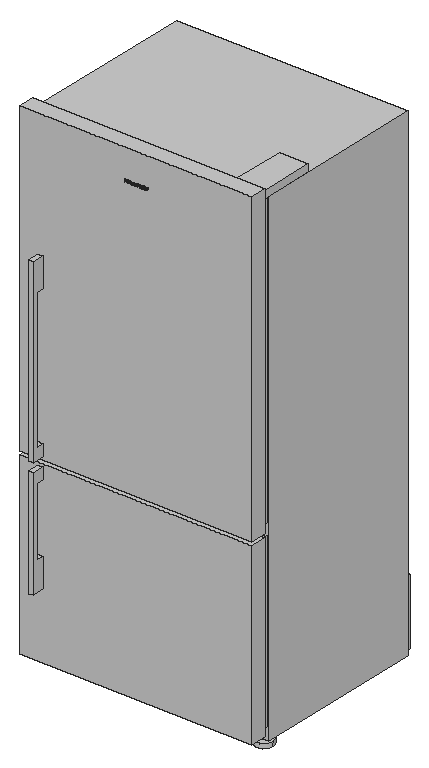
Revit family "Fisher & Paykel Fridge E522BRXFD", category Generic Models, host Floor, Revit 2013
Parameters (values of type "Fisher & Paykel - Fridge E522BRXFD")
  URL = "http://www.fisherpaykel.com"
  Model = "Fisher & Paykel - Fridge E522BRXFD"
  Manufacturer = "Fisher & Paykel"
  Fridge = Fridge
  Description = "Fisher & Paykel - Fridge E522BRXFD"
Reference planes (in)
  plane 1 "Center (Front/Back)": y = 0
  plane 2: z = 0
  plane 3 "Center (Left/Right)": x = 0
Dimensions and locks (in)
  equal spacing: host sketch curve, plane 1 "Center (Front/Back)", host sketch curve
  equal spacing: host sketch curve, plane 3 "Center (Left/Right)", host sketch curve
  host sketch curve to host sketch curve = 10' - 0"  (x2)
  aligned and locked: level to plane 2
Nested families (in)
  nested 1: "old_Fisher & Paykel Fridge E522BRXFD" at (0, 0, 0), type "old_Fisher & Paykel Fridge E522BRXFD"
Definition of nested family "old_Fisher & Paykel Fridge E522BRXFD"
  Parameters (values of type "old_Fisher & Paykel Fridge E522BRXFD")
    URL = "http://www.fisherpaykel.com"
    Model = "Fisher & Paykel - Fridge E522BRXFD"
    Manufacturer = "Fisher & Paykel"
    Fridge = Fridge
  Reference planes (in)
    plane 1 "Center (Front/Back)": y = 0
    plane 2: z = 0
    plane 3 "Center (Left/Right)": x = 0
    plane 4: z = 0
    plane 5: z = 0
    plane 6: z = 3.34646
    plane 7: x = 10.98425
    plane 8 "wheels": y = -11.56693
    plane 9: x = -14.94882
    plane 10: x = 13.79724
    plane 11: z = 63.38583
  Forms (in)
    Extrusion 1, solid, material "Fridge" <- "Fridge"
      sketch origin (3.05118, 0, 0) x (1, 0, 0) y (0, 1, 0)
        loop
          line (-19.19844, 11.11811) -> (-19.19844, -12.29921) -> (11.86455, -12.29921) -> (11.86455, 11.11811) -> (-19.19844, 11.11811)
      from 0.94488 to 66.29921
    Extrusion 2, solid, material "Fridge" <- "Fridge"
      sketch origin (-16.14726, -12.29921, 0) x (0, 1, 0) y (0, 0, -1)
        loop
          line (24.59843, -9.79606) -> (24.59843, -0.94488) -> (23.41732, -0.94488) -> (23.41732, -10.97717) -> (24.59843, -9.79606)
      from -30.27559 to -0.7874
    Extrusion 3, solid, material "Fridge" <- "Fridge"
      sketch origin (-16.14726, -12.29921, -0.09252) x (0, 1, 0) y (0, 0, -1)
        loop
          line (-2.76378, -10.64961) -> (-4.37795, -10.64961) -> (-4.37795, -25.33465) -> (-2.76378, -25.33465) -> (-2.76378, -23.75984) -> (-3.80172, -23.75984) -> (-3.80172, -14.58661) -> (-2.76378, -14.58661) -> (-2.76378, -10.64961)
      from -3.07874 to -2.47244
    Extrusion 4, solid, material "Fridge" <- "Fridge"
      sketch origin (-16.14726, -12.29921, 15.82677) x (0, 1, 0) y (0, 0, -1)
        loop
          line (-2.76378, -10.64961) -> (-4.37795, -10.64961) -> (-4.37795, -34.74409) -> (-2.76378, -34.74409) -> (-2.76378, -30.80709) -> (-3.80832, -30.80709) -> (-3.80832, -12.22441) -> (-2.76378, -12.22441) -> (-2.76378, -10.64961)
      from -3.07874 to -2.47244
    Extrusion 5, solid, material "Fridge" <- "Fridge"
      sketch origin (-16.14726, -12.29921, 0) x (0, 1, 0) y (0, 0, -1)
        loop
          line (-0.59843, -67.51969) -> (-0.59843, -26.10236) -> (-2.76378, -26.10236) -> (-2.76378, -67.51969) -> (-0.59843, -67.51969)
        loop
          line (-0.59843, -25.61614) -> (-0.59843, -1.75787) -> (-2.76378, -1.75787) -> (-2.76378, -25.61614) -> (-0.59843, -25.61614)
      from -31.08268 to 0.01969
    Extrusion 6, solid, material "Fridge" <- "Fridge"
      sketch origin (9.4047, 10.74557, 0) x (0, -1, 0) y (0, 0, -1)
        loop
          line (23.64321, -25.42913) -> (23.64321, -2.59449) -> (23.04479, -2.59449) -> (23.04479, -25.42913) -> (23.64321, -25.42913)
      from -25.26456 to 5.22363
    Extrusion 7, solid, material "Fridge" <- "Fridge"
      sketch origin (9.09995, 10.74557, 51.81102) x (0, -1, 0) y (0, 0, -1)
        loop
          line (23.64321, 24.82283) -> (23.04479, 24.82283) -> (23.04479, -14.4252) -> (23.64321, -14.4252) -> (23.64321, 24.82283)
      from -24.95982 to 5.52837
    Extrusion 8, solid, material "Fridge" <- "Fridge"
      sketch origin (-9.47244, 10.74557, 0) x (0, 1, 0) y (0, 0, -1)
        loop
          line (-16.35975, -67.30315) -> (-16.35975, -66.29921) -> (-23.64321, -66.29921) -> (-23.64321, -67.30315) -> (-16.35975, -67.30315)
      from -24.34486 to -20.52597
    Extrusion 9, solid, material "Fridge" <- "Fridge"
      sketch origin (-16.14726, -16.67717, 26.47638) x (0, 0, 1) y (-1, 0, 0)
        loop
          circle (-23.12992, -26.53543) r 0.19685
      from -29.76378 to -28.97638
    Extrusion 10, solid, material "Fridge" <- "Fridge"
      sketch origin (-16.14726, -12.29921, 0) x (0, 1, 0) y (0, 0, -1)
        loop
          line (19.82457, -0.94488) -> (21.82897, -0.94488)
          arc (21.82897, -0.94488) -> (20.82677, 0) -> (19.82457, -0.94488) r 1.00394
        loop
          line (2.44268, -0.94488) -> (4.44708, -0.94488)
          arc (4.44708, -0.94488) -> (3.44488, 0) -> (2.44268, -0.94488) r 1.00394
      from -2.75553 to -1.97994
    Extrusion 11, solid, material "Fridge" <- "Fridge"
      sketch origin (11.07283, -12.40247, 0) x (0, 1, 0) y (0, 0, -1)
        loop
          line (19.92783, -0.94488) -> (21.93223, -0.94488)
          arc (21.93223, -0.94488) -> (20.93003, 0) -> (19.92783, -0.94488) r 1.00394
        loop
          line (2.53934, -0.94488) -> (4.54374, -0.94488)
          arc (4.54374, -0.94488) -> (3.54154, 0) -> (2.53934, -0.94488) r 1.00394
      from -1.93701 to -1.16142
    Extrusion 12, solid, material "Fridge" <- "Fridge"
      sketch origin (-0.04687, 0, 0) x (1, 0, 0) y (0, 1, 0)
        loop
          circle (-14.94882, -11.56693) r 0.19685
        loop
          circle (13.79724, -11.56693) r 0.19685
      from 0.55118 to 0.94488
    Extrusion 13, solid, material "Fridge" <- "Fridge"
      sketch origin (-0.04293, 0, 0) x (1, 0, 0) y (0, 1, 0)
        loop
          circle (-14.94882, -11.56693) r 1.1811
        loop
          circle (13.79724, -11.56693) r 1.1811
      from 0 to 0.55118
  Dimensions and locks (in)
    Extrusion 9 to Extrusion 2 = 0' - 0.7874"
    level to Extrusion 10 = 0' - 0.94488"
    Extrusion 5 to plane 11 = 0' - 4.13386"
    aligned and locked: Extrusion 9 to Extrusion 2
  Nested families (in)
    nested 1: "FP_logo80mm" at (-0.59608, -15.06299, 63.38583) x (1, 0, 0) z (0, -1, 0), type "FP_logo80mm"
  Definition of nested family "FP_logo80mm"
    Parameters (values of type "FP_logo80mm")
      thickness = 0' - 0.02044"
      LOGO = logo
      Default Elevation = 4' - 0"
    Reference planes (in)
      plane 1 "Center (Front/Back)": y = 0
      plane 2: z = 0
      plane 3 "Center (Left/Right)": x = 0
      plane 4: x = -1.5748
      plane 5: x = 1.5748
    Forms (in)
      Extrusion 1, solid
        sketch origin (0, 0, 0) x (1, 0, 0) y (0, 1, 0)
          loop
            line (-48, 48) -> (-48, -48) -> (48, -48) -> (48, 48) -> (-48, 48)
        from 0 to -12
      Extrusion 2, solid, material "logo" <- "LOGO"
        sketch origin (0, 0, 0) x (1, 0, 0) y (0, 1, 0)
          loop
            line (-1.57372, 0) -> (-1.50194, 0) -> (-1.46947, 0.12283) -> (-1.30297, 0.12283) -> (-1.29013, 0.1703) -> (-1.45659, 0.1703) -> (-1.43522, 0.25151) -> (-1.25982, 0.25151) -> (-1.24694, 0.29898) -> (-1.49409, 0.29898) -> (-1.57372, 0)
          loop
            line (-1.30607, 0) -> (-1.24274, 0) -> (-1.18721, 0.20934) -> (-1.25063, 0.20934) -> (-1.30607, 0)
          loop
            line (-1.22648, 0.29898) -> (-1.23826, 0.25602) -> (-1.17488, 0.25602) -> (-1.16314, 0.29898) -> (-1.22648, 0.29898)
          loop
            arc (-0.86058, 0.13425) -> (-0.80772, 0.17063) -> (-0.74843, 0.1461) r 0.06722
            line (-0.74843, 0.1461) -> (-0.78704, 0) -> (-0.7237, 0) -> (-0.68605, 0.14246)
            arc (-0.68605, 0.14246) -> (-0.68155, 0.16152) -> (-0.68605, 0.18058) r 0.04254
            arc (-0.68605, 0.18058) -> (-0.76915, 0.21295) -> (-0.84979, 0.17486) r 0.1128
            line (-0.84979, 0.17486) -> (-0.81676, 0.29898) -> (-0.88006, 0.29898) -> (-0.95966, 0) -> (-0.89632, 0) -> (-0.86058, 0.13425)
          loop
            arc (-0.95066, 0.15197) -> (-0.95087, 0.18935) -> (-0.98246, 0.20934) r 0.03895
            arc (-0.98246, 0.20934) -> (-1.05987, 0.21825) -> (-1.13591, 0.20129) r 0.23433
            arc (-1.13591, 0.20129) -> (-1.1618, 0.18364) -> (-1.17815, 0.15691) r 0.0745
            arc (-1.17815, 0.15691) -> (-1.17834, 0.11309) -> (-1.14108, 0.09004) r 0.04483
            line (-1.14108, 0.09004) -> (-1.05714, 0.08639)
            arc (-1.05714, 0.08639) -> (-1.03604, 0.05735) -> (-1.06272, 0.03332) r 0.02683
            line (-1.06272, 0.03332) -> (-1.11205, 0.03332)
            arc (-1.11205, 0.03332) -> (-1.13197, 0.04003) -> (-1.14072, 0.05914) r 0.02647
            line (-1.14072, 0.05914) -> (-1.20571, 0.06008)
            arc (-1.20571, 0.06008) -> (-1.20608, 0.02907) -> (-1.18586, 0.00555) r 0.04389
            arc (-1.18586, 0.00555) -> (-1.10473, -0.00342) -> (-1.02361, 0.00555) r 0.37118
            arc (-1.02361, 0.00555) -> (-0.98719, 0.0286) -> (-0.96414, 0.06502) r 0.09828
            arc (-0.96414, 0.06502) -> (-0.96497, 0.10316) -> (-0.99759, 0.12295) r 0.03965
            line (-0.99759, 0.12295) -> (-1.09984, 0.1274)
            arc (-1.09984, 0.1274) -> (-1.11597, 0.13609) -> (-1.11913, 0.15414) r 0.02101
            arc (-1.11913, 0.15414) -> (-1.06497, 0.17768) -> (-1.0118, 0.15197) r 0.0708
            line (-1.0118, 0.15197) -> (-0.95066, 0.15197)
          loop
            line (-0.43335, 0.0955) -> (-0.42234, 0.15714)
            arc (-0.42234, 0.15714) -> (-0.43763, 0.19405) -> (-0.47453, 0.20934) r 0.05219
            line (-0.47453, 0.20934) -> (-0.56603, 0.20934)
            arc (-0.56603, 0.20934) -> (-0.67024, 0.12209) -> (-0.61053, 0) r 0.11022
            arc (-0.61053, 0) -> (-0.51666, 0.00201) -> (-0.44346, 0.06081) r 0.14586
            line (-0.44346, 0.06081) -> (-0.50325, 0.06709)
            arc (-0.50325, 0.06709) -> (-0.57274, 0.03377) -> (-0.61889, 0.0955) r 0.06068
            line (-0.61889, 0.0955) -> (-0.43335, 0.0955)
          loop
            line (-0.60154, 0.12683) -> (-0.48719, 0.12683)
            arc (-0.48719, 0.12683) -> (-0.54436, 0.17324) -> (-0.60154, 0.12683) r 0.05842
          loop
            line (-0.43225, 0) -> (-0.36884, 0) -> (-0.3364, 0.12322)
            arc (-0.3364, 0.12322) -> (-0.29895, 0.16318) -> (-0.25677, 0.12825) r 0.03997
            line (-0.25677, 0.12825) -> (-0.19736, 0.12825)
            arc (-0.19736, 0.12825) -> (-0.19022, 0.16751) -> (-0.20568, 0.20429) r 0.07001
            arc (-0.20568, 0.20429) -> (-0.27218, 0.21095) -> (-0.32777, 0.17385) r 0.09905
            line (-0.32777, 0.17385) -> (-0.31343, 0.20934) -> (-0.37677, 0.20934) -> (-0.43225, 0)
          loop
            line (0.0589, 0.12012) -> (0.04908, 0.08343) -> (-0.0317, 0.14891)
            arc (-0.0317, 0.14891) -> (0.01975, 0.15451) -> (0.06854, 0.17177) r 0.22403
            arc (0.06854, 0.17177) -> (0.08659, 0.19825) -> (0.092, 0.22984) r 0.07535
            arc (0.092, 0.22984) -> (0.08362, 0.25136) -> (0.06388, 0.26335) r 0.03598
            arc (0.06388, 0.26335) -> (0.00198, 0.27016) -> (-0.05992, 0.26335) r 0.28474
            arc (-0.05992, 0.26335) -> (-0.08847, 0.24926) -> (-0.10731, 0.22359) r 0.0671
            arc (-0.10731, 0.22359) -> (-0.11641, 0.18705) -> (-0.09579, 0.15554) r 0.04706
            arc (-0.09579, 0.15554) -> (-0.14195, 0.14171) -> (-0.177, 0.10865) r 0.10456
            line (-0.177, 0.10865) -> (-0.19166, 0.0607)
            arc (-0.19166, 0.0607) -> (-0.17964, 0.01787) -> (-0.1389, 0) r 0.05201
            arc (-0.1389, 0) -> (-0.07522, -0.00464) -> (-0.01155, 0) r 0.43946
            arc (-0.01155, 0) -> (0.0259, 0.01133) -> (0.05839, 0.0331) r 0.13235
            line (0.05839, 0.0331) -> (0.10025, 0) -> (0.13041, 0.02319) -> (0.07822, 0.05974)
            arc (0.07822, 0.05974) -> (0.09021, 0.08908) -> (0.09668, 0.12012) r 0.17407
            line (0.09668, 0.12012) -> (0.0589, 0.12012)
          loop
            line (0.03377, 0.0523) -> (-0.07598, 0.13975)
            arc (-0.07598, 0.13975) -> (-0.12194, 0.128) -> (-0.14447, 0.08624) r 0.05912
            arc (-0.14447, 0.08624) -> (-0.14328, 0.04325) -> (-0.10587, 0.02201) r 0.04379
            arc (-0.10587, 0.02201) -> (-0.03294, 0.02281) -> (0.03377, 0.0523) r 0.18125
          loop
            arc (0.36561, 0.09636) -> (0.42763, 0.11011) -> (0.47803, 0.14878) r 0.14675
            arc (0.47803, 0.14878) -> (0.49723, 0.19866) -> (0.50525, 0.25151) r 0.24691
            arc (0.50525, 0.25151) -> (0.4729, 0.28972) -> (0.42369, 0.29898) r 0.07484
            line (0.42369, 0.29898) -> (0.22524, 0.29898) -> (0.14568, 0) -> (0.21739, 0) -> (0.24319, 0.09636) -> (0.36561, 0.09636)
          loop
            line (0.28414, 0.25151) -> (0.2561, 0.14568) -> (0.35509, 0.14568)
            arc (0.35509, 0.14568) -> (0.38393, 0.15) -> (0.41024, 0.16258) r 0.09842
            line (0.41024, 0.16258) -> (0.42722, 0.20926)
            arc (0.42722, 0.20926) -> (0.41485, 0.23913) -> (0.38497, 0.25151) r 0.04225
            line (0.38497, 0.25151) -> (0.28414, 0.25151)
          loop
            arc (0.55819, 0.14878) -> (0.56638, 0.16856) -> (0.58615, 0.17674) r 0.02796
            arc (0.58615, 0.17674) -> (0.61447, 0.17926) -> (0.64279, 0.17674) r 0.16065
            arc (0.64279, 0.17674) -> (0.65989, 0.1631) -> (0.65782, 0.14133) r 0.02298
            line (0.65782, 0.14133) -> (0.6478, 0.1037)
            arc (0.6478, 0.1037) -> (0.56118, 0.13061) -> (0.47719, 0.09636) r 0.13438
            arc (0.47719, 0.09636) -> (0.4602, 0.04095) -> (0.50121, 0) r 0.05619
            arc (0.50121, 0) -> (0.57004, -0.00115) -> (0.63244, 0.02789) r 0.15353
            line (0.63244, 0.02789) -> (0.61074, -0.0031) -> (0.68432, 0) -> (0.72076, 0.13673)
            arc (0.72076, 0.13673) -> (0.72464, 0.17655) -> (0.69592, 0.20441) r 0.04611
            arc (0.69592, 0.20441) -> (0.62576, 0.21705) -> (0.55489, 0.20934) r 0.2495
            arc (0.55489, 0.20934) -> (0.51881, 0.18487) -> (0.49434, 0.14878) r 0.11565
            line (0.49434, 0.14878) -> (0.55819, 0.14878)
          loop
            line (0.7678, 0) -> (0.80778, 0)
            arc (0.80778, 0) -> (0.77355, -0.04222) -> (0.72076, -0.05517) r 0.08526
            line (0.72076, -0.05517) -> (0.71067, -0.09189)
            arc (0.71067, -0.09189) -> (0.79943, -0.08017) -> (0.85866, -0.01304) r 0.12765
            line (0.85866, -0.01304) -> (0.98648, 0.20934) -> (0.9209, 0.20934) -> (0.82272, 0.03272) -> (0.80483, 0.20934) -> (0.7376, 0.20934) -> (0.7678, 0)
          loop
            line (1.04279, 0.12778) -> (1.0881, 0.29898) -> (1.02481, 0.29898) -> (0.94521, 0) -> (1.00859, 0) -> (1.03321, 0.09275) -> (1.10888, 0) -> (1.18678, 0) -> (1.10668, 0.1107) -> (1.22381, 0.20934) -> (1.15093, 0.20934) -> (1.04279, 0.12778)
          loop
            line (1.51251, 0.29898) -> (1.43291, 0) -> (1.49629, 0) -> (1.57589, 0.29898) -> (1.51251, 0.29898)
          loop
            line (1.43403, 0.0955) -> (1.44505, 0.15714)
            arc (1.44505, 0.15714) -> (1.42976, 0.19405) -> (1.39285, 0.20934) r 0.05219
            line (1.39285, 0.20934) -> (1.30135, 0.20934)
            arc (1.30135, 0.20934) -> (1.19714, 0.12209) -> (1.25686, 0) r 0.11022
            arc (1.25686, 0) -> (1.35073, 0.00201) -> (1.42393, 0.06081) r 0.14586
            line (1.42393, 0.06081) -> (1.36413, 0.06709)
            arc (1.36413, 0.06709) -> (1.29464, 0.03377) -> (1.2485, 0.0955) r 0.06068
            line (1.2485, 0.0955) -> (1.43403, 0.0955)
          loop
            line (1.26585, 0.12683) -> (1.3802, 0.12683)
            arc (1.3802, 0.12683) -> (1.32302, 0.17324) -> (1.26585, 0.12683) r 0.05842
          loop
            arc (-0.05026, 0.16395) -> (0.00366, 0.17176) -> (0.04898, 0.202) r 0.12359
            arc (0.04898, 0.202) -> (0.05207, 0.22235) -> (0.04159, 0.24006) r 0.03066
            arc (0.04159, 0.24006) -> (-0.00034, 0.2455) -> (-0.04226, 0.24006) r 0.16426
            arc (-0.04226, 0.24006) -> (-0.07878, 0.20542) -> (-0.05026, 0.16395) r 0.03874
          loop
            spline (0.5073, 0.05459) -> (0.51015, 0.04686) -> (0.51712, 0.04004) -> (0.52774, 0.03458) -> (0.54128, 0.03087) -> (0.55682, 0.02915) -> (0.57331, 0.02954) -> (0.58961, 0.03202) -> (0.60462, 0.03641) -> (0.61731, 0.04242) -> (0.62682, 0.04963) -> (0.6325, 0.05756) -> (0.63397, 0.06567)
            spline (0.63397, 0.06567) -> (0.63112, 0.07339) -> (0.62415, 0.08022) -> (0.61353, 0.08567) -> (0.59998, 0.08938) -> (0.58444, 0.0911) -> (0.56796, 0.09071) -> (0.55165, 0.08823) -> (0.53665, 0.08384) -> (0.52395, 0.07783) -> (0.51444, 0.07062) -> (0.50876, 0.06269) -> (0.5073, 0.05459)
        from 0 to 0.02044
    Dimensions and locks (in)
      "thickness": Extrusion 2 to plane 2
      equal spacing: plane 4, plane 3 "Center (Left/Right)", plane 5
      plane 4 to plane 5 = 0' - 3.14961"
      aligned and locked: plane 2 to Extrusion 1
      aligned and locked: level to Extrusion 1
    Automatic sketch dimensions
      Extrusion 1 sketch curve to Extrusion 1 sketch curve = 8' - 0"  (x2)
      plane 1 "Center (Front/Back)" to Extrusion 2 sketch curve = 0' - 0"  (x19)
      plane 4 to Extrusion 2 sketch curve = 0' - 0.00108"
      plane 1 "Center (Front/Back)" to Extrusion 2 sketch curve = 0' - 0.09189"
      Extrusion 2 sketch curve to Extrusion 2 sketch curve = 0' - 0.07178"
      plane 4 to Extrusion 2 sketch curve = 0' - 0.08072"
      plane 4 to Extrusion 2 sketch curve = 0' - 0.10534"
      Extrusion 2 sketch curve to Extrusion 2 sketch curve = 0' - 0.01288"  (x2)
      Extrusion 2 sketch curve to Extrusion 2 sketch curve = 0' - 0.05886"
      Extrusion 2 sketch curve to Extrusion 2 sketch curve = 0' - 0.19587"
      Extrusion 2 sketch curve to Extrusion 2 sketch curve = 0' - 0.0031"
      Extrusion 2 sketch curve to Extrusion 2 sketch curve = 0' - 0.01284"
      Extrusion 2 sketch curve to Extrusion 2 sketch curve = 0' - 0.03031"
      Extrusion 2 sketch curve to Extrusion 2 sketch curve = 0' - 0.00919"
      Extrusion 2 sketch curve to Extrusion 2 sketch curve = 0' - 0.06334"  (x3)
      Extrusion 2 sketch curve to Extrusion 2 sketch curve = 0' - 0.02156"
      Extrusion 2 sketch curve to Extrusion 2 sketch curve = 0' - 0.02046"
      Extrusion 2 sketch curve to plane 1 "Center (Front/Back)" = 0' - 0.06008"
      Extrusion 2 sketch curve to Extrusion 2 sketch curve = 0' - 0.03703"
      Extrusion 2 sketch curve to Extrusion 2 sketch curve = 0' - 0.06342"  (x2)
      Extrusion 2 sketch curve to Extrusion 2 sketch curve = 0' - 0.01233"
      Extrusion 2 sketch curve to Extrusion 2 sketch curve = 0' - 0.01174"
      Extrusion 2 sketch curve to plane 1 "Center (Front/Back)" = 0' - 0.09004"
      Extrusion 2 sketch curve to Extrusion 2 sketch curve = 0' - 0.06462"
      Extrusion 2 sketch curve to plane 1 "Center (Front/Back)" = 0' - 0.05914"
      Extrusion 2 sketch curve to Extrusion 2 sketch curve = 0' - 0.00037"
      Extrusion 2 sketch curve to Extrusion 2 sketch curve = 0' - 0.02867"
      Extrusion 2 sketch curve to plane 1 "Center (Front/Back)" = 0' - 0.1274"
      Extrusion 2 sketch curve to Extrusion 2 sketch curve = 0' - 0.04124"
      Extrusion 2 sketch curve to Extrusion 2 sketch curve = 0' - 0.04933"
      Extrusion 2 sketch curve to plane 1 "Center (Front/Back)" = 0' - 0.08639"
      Extrusion 2 sketch curve to Extrusion 2 sketch curve = 0' - 0.00558"
      Extrusion 2 sketch curve to Extrusion 2 sketch curve = 0' - 0.04534"
      Extrusion 2 sketch curve to plane 1 "Center (Front/Back)" = 0' - 0.12295"
      Extrusion 2 sketch curve to Extrusion 2 sketch curve = 0' - 0.01421"
      Extrusion 2 sketch curve to Extrusion 2 sketch curve = 0' - 0.10306"
      Extrusion 2 sketch curve to Extrusion 2 sketch curve = 0' - 0.04693"
      Extrusion 2 sketch curve to plane 1 "Center (Front/Back)" = 0' - 0.29898"
      Extrusion 2 sketch curve to Extrusion 2 sketch curve = 0' - 0.0706"
      Extrusion 2 sketch curve to plane 1 "Center (Front/Back)" = 0' - 0.13425"
      Extrusion 2 sketch curve to Extrusion 2 sketch curve = 0' - 0.09009"
      Extrusion 2 sketch curve to plane 1 "Center (Front/Back)" = 0' - 0.17486"
      Extrusion 2 sketch curve to Extrusion 2 sketch curve = 0' - 0.01079"
      Extrusion 2 sketch curve to Extrusion 2 sketch curve = 0' - 0.0633"  (x2)
      Extrusion 2 sketch curve to Extrusion 2 sketch curve = 0' - 0.10928"
      Extrusion 2 sketch curve to plane 1 "Center (Front/Back)" = 0' - 0.1461"
      Extrusion 2 sketch curve to Extrusion 2 sketch curve = 0' - 0.10135"
      Extrusion 2 sketch curve to plane 1 "Center (Front/Back)" = 0' - 0.14246"
      Extrusion 2 sketch curve to Extrusion 2 sketch curve = 0' - 0.06238"
      Extrusion 2 sketch curve to Extrusion 2 sketch curve = 0' - 0.06717"
      Extrusion 2 sketch curve to Extrusion 2 sketch curve = 0' - 0.01735"  (x2)
      Extrusion 2 sketch curve to Extrusion 2 sketch curve = 0' - 0.0355"
      Extrusion 2 sketch curve to plane 1 "Center (Front/Back)" = 0' - 0.06709"  (x2)
      Extrusion 2 sketch curve to Extrusion 2 sketch curve = 0' - 0.09828"  (x2)
      Extrusion 2 sketch curve to Extrusion 2 sketch curve = 0' - 0.01606"  (x2)
      Extrusion 2 sketch curve to Extrusion 2 sketch curve = 0' - 0.01266"  (x2)
      Extrusion 2 sketch curve to plane 1 "Center (Front/Back)" = 0' - 0.06081"  (x2)
      Extrusion 2 sketch curve to Extrusion 2 sketch curve = 0' - 0.05979"  (x2)
      Extrusion 2 sketch curve to Extrusion 2 sketch curve = 0' - 0.01011"  (x2)
      Extrusion 2 sketch curve to Extrusion 2 sketch curve = 0' - 0.0112"
      Extrusion 2 sketch curve to plane 1 "Center (Front/Back)" = 0' - 0.15714"
      Extrusion 2 sketch curve to Extrusion 2 sketch curve = 0' - 0.05219"  (x2)
      Extrusion 2 sketch curve to Extrusion 2 sketch curve = 0' - 0.04557"
      Extrusion 2 sketch curve to plane 1 "Center (Front/Back)" = 0' - 0.12322"
      Extrusion 2 sketch curve to Extrusion 2 sketch curve = 0' - 0 11/128"
      Extrusion 2 sketch curve to plane 1 "Center (Front/Back)" = 0' - 0.17385"
      Extrusion 2 sketch curve to Extrusion 2 sketch curve = 0' - 0.00864"
      Extrusion 2 sketch curve to Extrusion 2 sketch curve = 0' - 0.01434"
      Extrusion 2 sketch curve to Extrusion 2 sketch curve = 0' - 0.07963"
      Extrusion 2 sketch curve to Extrusion 2 sketch curve = 0' - 0.05941"
      Extrusion 2 sketch curve to plane 1 "Center (Front/Back)" = 0' - 0.0607"
      Extrusion 2 sketch curve to Extrusion 2 sketch curve = 0' - 0.00569"
      Extrusion 2 sketch curve to Extrusion 2 sketch curve = 0' - 0.02035"
      Extrusion 2 sketch curve to plane 3 "Center (Left/Right)" = 0' - 0.07598"
      Extrusion 2 sketch curve to plane 3 "Center (Left/Right)" = 0' - 0.0317"
      plane 3 "Center (Left/Right)" to Extrusion 2 sketch curve = 0' - 0.03377"
      Extrusion 2 sketch curve to Extrusion 2 sketch curve = 0' - 0.01531"
      Extrusion 2 sketch curve to Extrusion 2 sketch curve = 0' - 0.02462"  (x2)
      Extrusion 2 sketch curve to Extrusion 2 sketch curve = 0' - 0.00982"
      Extrusion 2 sketch curve to Extrusion 2 sketch curve = 0' - 0.01983"
      Extrusion 2 sketch curve to Extrusion 2 sketch curve = 0' - 0.03778"
      Extrusion 2 sketch curve to Extrusion 2 sketch curve = 0' - 0.04186"
      Extrusion 2 sketch curve to plane 1 "Center (Front/Back)" = 0' - 0.02319"
      Extrusion 2 sketch curve to Extrusion 2 sketch curve = 0' - 0.03016"
      Extrusion 2 sketch curve to Extrusion 2 sketch curve = 0' - 0.01527"
      Extrusion 2 sketch curve to Extrusion 2 sketch curve = 0' - 0.0717"
      Extrusion 2 sketch curve to Extrusion 2 sketch curve = 0' - 0.12856"
      Extrusion 2 sketch curve to Extrusion 2 sketch curve = 0' - 0.0258"
      Extrusion 2 sketch curve to Extrusion 2 sketch curve = 0' - 0.01292"
      Extrusion 2 sketch curve to Extrusion 2 sketch curve = 0' - 0.0589"
      Extrusion 2 sketch curve to Extrusion 2 sketch curve = 0' - 0.09899"
      Extrusion 2 sketch curve to Extrusion 2 sketch curve = 0' - 0.01052"
      Extrusion 2 sketch curve to Extrusion 2 sketch curve = 0' - 0.01936"
      Extrusion 2 sketch curve to plane 1 "Center (Front/Back)" = 0' - 0.16258"
      Extrusion 2 sketch curve to Extrusion 2 sketch curve = 0' - 0.02526"
      Extrusion 2 sketch curve to Extrusion 2 sketch curve = 0' - 0.03872"
      Extrusion 2 sketch curve to plane 1 "Center (Front/Back)" = 0' - 0.20926"
      Extrusion 2 sketch curve to Extrusion 2 sketch curve = 0' - 0.04225"
      Extrusion 2 sketch curve to Extrusion 2 sketch curve = 0' - 0.08411"
      Extrusion 2 sketch curve to Extrusion 2 sketch curve = 0' - 0.06385"
      plane 1 "Center (Front/Back)" to Extrusion 2 sketch curve = 0' - 0.0031"
      Extrusion 2 sketch curve to Extrusion 2 sketch curve = 0' - 0.05255"
      Extrusion 2 sketch curve to plane 1 "Center (Front/Back)" = 0' - 0.02789"
      Extrusion 2 sketch curve to Extrusion 2 sketch curve = 0' - 0.02171"
      Extrusion 2 sketch curve to plane 1 "Center (Front/Back)" = 0' - 0.1037"
      Extrusion 2 sketch curve to Extrusion 2 sketch curve = 0' - 0.01535"
      Extrusion 2 sketch curve to plane 1 "Center (Front/Back)" = 0' - 0.14133"
      Extrusion 2 sketch curve to Extrusion 2 sketch curve = 0' - 0.01003"
      Extrusion 2 sketch curve to Extrusion 2 sketch curve = 0' - 0.05187"
      Extrusion 2 sketch curve to Extrusion 2 sketch curve = 0' - 0.02635"
      Extrusion 2 sketch curve to plane 1 "Center (Front/Back)" = 0' - 0 35/256"
      Extrusion 2 sketch curve to Extrusion 2 sketch curve = 0' - 0.06293"
      plane 1 "Center (Front/Back)" to Extrusion 2 sketch curve = 0' - 0.05517"
      Extrusion 2 sketch curve to Extrusion 2 sketch curve = 0' - 0.01009"
      Extrusion 2 sketch curve to Extrusion 2 sketch curve = 0' - 0.01685"
      Extrusion 2 sketch curve to Extrusion 2 sketch curve = 0' - 0.04704"
      Extrusion 2 sketch curve to plane 1 "Center (Front/Back)" = 0' - 0.20934"  (x3)
      Extrusion 2 sketch curve to Extrusion 2 sketch curve = 0' - 0.06723"
      Extrusion 2 sketch curve to Extrusion 2 sketch curve = 0' - 0.03998"
      Extrusion 2 sketch curve to plane 1 "Center (Front/Back)" = 0' - 0.03272"
      Extrusion 2 sketch curve to Extrusion 2 sketch curve = 0' - 0.01493"
      plane 1 "Center (Front/Back)" to Extrusion 2 sketch curve = 0' - 0.01304"
      Extrusion 2 sketch curve to Extrusion 2 sketch curve = 0' - 0.05088"
      Extrusion 2 sketch curve to Extrusion 2 sketch curve = 0' - 0.11607"
      Extrusion 2 sketch curve to Extrusion 2 sketch curve = 0' - 0.08655"
      Extrusion 2 sketch curve to Extrusion 2 sketch curve = 0' - 0.06558"
      Extrusion 2 sketch curve to Extrusion 2 sketch curve = 0' - 0.06338"  (x2)
      Extrusion 2 sketch curve to Extrusion 2 sketch curve = 0' - 0.03833"
      Extrusion 2 sketch curve to plane 1 "Center (Front/Back)" = 0' - 0.09275"
      Extrusion 2 sketch curve to plane 1 "Center (Front/Back)" = 0' - 0.12778"
      Extrusion 2 sketch curve to Extrusion 2 sketch curve = 0' - 0.00958"
      Extrusion 2 sketch curve to plane 1 "Center (Front/Back)" = 0' - 0.1107"
      Extrusion 2 sketch curve to Extrusion 2 sketch curve = 0' - 0.06389"
      Extrusion 2 sketch curve to Extrusion 2 sketch curve = 0' - 0.10029"
      Extrusion 2 sketch curve to Extrusion 2 sketch curve = 0' - 0.04425"
      Extrusion 2 sketch curve to Extrusion 2 sketch curve = 0' - 0.07791"
      Extrusion 2 sketch curve to Extrusion 2 sketch curve = 0' - 0.07288"
      Extrusion 2 sketch curve to Extrusion 2 sketch curve = 0' - 0.06172"
      Extrusion 2 sketch curve to Extrusion 2 sketch curve = 0' - 0.07754"
      Extrusion 2 sketch curve to Extrusion 2 sketch curve = 0' - 0.00899"
      Extrusion 2 sketch curve to plane 5 = 0' - 0.0623"
      plane 5 to Extrusion 2 sketch curve = 0' - 0.00108"
      Extrusion 2 sketch curve to plane 1 "Center (Front/Back)" = 0' - 0.00555"  (x2)
      Extrusion 2 sketch curve to Extrusion 2 sketch curve = 0' - 0.05688"
      Extrusion 2 sketch curve to Extrusion 2 sketch curve = 0' - 0.00906"
      Extrusion 2 sketch curve to Extrusion 2 sketch curve = 0' - 0.02411"
      Extrusion 2 sketch curve to Extrusion 2 sketch curve = 0' - 0.0393"
      Extrusion 2 sketch curve to Extrusion 2 sketch curve = 0' - 0.0513"
      Extrusion 2 sketch curve to Extrusion 2 sketch curve = 0' - 0"  (x10)
      Extrusion 2 sketch curve to Extrusion 2 sketch curve = 0' - 0.02"
      Extrusion 2 sketch curve to Extrusion 2 sketch curve = 0' - 0.00221"
      Extrusion 2 sketch curve to Extrusion 2 sketch curve = 0' - 0.00799"
      Extrusion 2 sketch curve to Extrusion 2 sketch curve = 0' - 0.05841"
      Extrusion 2 sketch curve to Extrusion 2 sketch curve = 0' - 0.00891"
      Extrusion 2 sketch curve to Extrusion 2 sketch curve = 0' - 0.00926"
      Extrusion 2 sketch curve to Extrusion 2 sketch curve = 0' - 0.00046"
      plane 1 "Center (Front/Back)" to Extrusion 2 sketch curve = 0' - 0.01576"
      Extrusion 2 sketch curve to Extrusion 2 sketch curve = 0' - 0.01512"
      Extrusion 2 sketch curve to Extrusion 2 sketch curve = 0' - 0.00172"
      Extrusion 2 sketch curve to Extrusion 2 sketch curve = 0' - 0.02686"
      Extrusion 2 sketch curve to Extrusion 2 sketch curve = 0' - 0.00248"
      Extrusion 2 sketch curve to Extrusion 2 sketch curve = 0' - 0 9/256"
      Extrusion 2 sketch curve to Extrusion 2 sketch curve = 0' - 0.05223"
      Extrusion 2 sketch curve to Extrusion 2 sketch curve = 0' - 0.03545"
      Extrusion 2 sketch curve to Extrusion 2 sketch curve = 0' - 0.02435"
      Extrusion 2 sketch curve to Extrusion 2 sketch curve = 0' - 0.00836"
      Extrusion 2 sketch curve to Extrusion 2 sketch curve = 0' - 0.02218"  (x2)
      Extrusion 2 sketch curve to Extrusion 2 sketch curve = 0' - 0.01807"  (x2)
      Extrusion 2 sketch curve to Extrusion 2 sketch curve = 0' - 0.00417"  (x2)
      Extrusion 2 sketch curve to Extrusion 2 sketch curve = 0' - 0.03997"
      Extrusion 2 sketch curve to Extrusion 2 sketch curve = 0' - 0.00304"
      Extrusion 2 sketch curve to Extrusion 2 sketch curve = 0' - 0.00855"
      Extrusion 2 sketch curve to Extrusion 2 sketch curve = 0' - 0.05412"
      Extrusion 2 sketch curve to Extrusion 2 sketch curve = 0' - 0.03253"
      Extrusion 2 sketch curve to Extrusion 2 sketch curve = 0' - 0.00409"
      Extrusion 2 sketch curve to Extrusion 2 sketch curve = 0' - 0.00149"
      Extrusion 2 sketch curve to Extrusion 2 sketch curve = 0' - 0.03133"
      Extrusion 2 sketch curve to Extrusion 2 sketch curve = 0' - 0.03302"
      Extrusion 2 sketch curve to Extrusion 2 sketch curve = 0' - 0.03464"
      Extrusion 2 sketch curve to Extrusion 2 sketch curve = 0' - 0.01981"
      Extrusion 2 sketch curve to Extrusion 2 sketch curve = 0' - 0.01607"
      Extrusion 2 sketch curve to Extrusion 2 sketch curve = 0' - 0.0202"
      Extrusion 2 sketch curve to Extrusion 2 sketch curve = 0' - 0.00027"
      Extrusion 2 sketch curve to plane 3 "Center (Left/Right)" = 0' - 0.07522"
      Extrusion 2 sketch curve to Extrusion 2 sketch curve = 0' - 0.03594"
      Extrusion 2 sketch curve to Extrusion 2 sketch curve = 0' - 0.00135"
      Extrusion 2 sketch curve to plane 3 "Center (Left/Right)" = 0' - 0.05992"
      Extrusion 2 sketch curve to Extrusion 2 sketch curve = 0' - 0.01856"
      Extrusion 2 sketch curve to Extrusion 2 sketch curve = 0' - 0.02467"
      Extrusion 2 sketch curve to Extrusion 2 sketch curve = 0' - 0.01766"
      Extrusion 2 sketch curve to Extrusion 2 sketch curve = 0' - 0.01934"
      Extrusion 2 sketch curve to Extrusion 2 sketch curve = 0' - 0.00508"
      Extrusion 2 sketch curve to Extrusion 2 sketch curve = 0' - 0.00098"
      Extrusion 2 sketch curve to plane 3 "Center (Left/Right)" = 0' - 0.03006"
      Extrusion 2 sketch curve to plane 3 "Center (Left/Right)" = 0' - 0.00034"
      plane 3 "Center (Left/Right)" to Extrusion 2 sketch curve = 0' - 0.00198"
      plane 3 "Center (Left/Right)" to Extrusion 2 sketch curve = 0' - 0.01673"
      Extrusion 2 sketch curve to Extrusion 2 sketch curve = 0' - 0.00524"
      Extrusion 2 sketch curve to Extrusion 2 sketch curve = 0' - 0.02485"
      Extrusion 2 sketch curve to Extrusion 2 sketch curve = 0' - 0.02701"
      Extrusion 2 sketch curve to Extrusion 2 sketch curve = 0' - 0.01447"
      Extrusion 2 sketch curve to Extrusion 2 sketch curve = 0' - 0.02229"
      Extrusion 2 sketch curve to Extrusion 2 sketch curve = 0' - 0.01956"
      Extrusion 2 sketch curve to Extrusion 2 sketch curve = 0' - 0.03595"
      Extrusion 2 sketch curve to Extrusion 2 sketch curve = 0' - 0.02558"
      Extrusion 2 sketch curve to Extrusion 2 sketch curve = 0' - 0.00802"
      Extrusion 2 sketch curve to Extrusion 2 sketch curve = 0' - 0.01716"
      Extrusion 2 sketch curve to Extrusion 2 sketch curve = 0' - 0.01631"
      Extrusion 2 sketch curve to Extrusion 2 sketch curve = 0' - 0.02403"
      Extrusion 2 sketch curve to Extrusion 2 sketch curve = 0' - 0.07"
      Extrusion 2 sketch curve to Extrusion 2 sketch curve = 0' - 0.03011"
      Extrusion 2 sketch curve to Extrusion 2 sketch curve = 0' - 0.00742"
      Extrusion 2 sketch curve to Extrusion 2 sketch curve = 0' - 0.02007"
      Extrusion 2 sketch curve to Extrusion 2 sketch curve = 0' - 0.0033"
      Extrusion 2 sketch curve to Extrusion 2 sketch curve = 0' - 0.05591"
      Extrusion 2 sketch curve to Extrusion 2 sketch curve = 0' - 0.02796"
      Extrusion 2 sketch curve to Extrusion 2 sketch curve = 0' - 0.04721"
      Extrusion 2 sketch curve to Extrusion 2 sketch curve = 0' - 0.01797"
      Extrusion 2 sketch curve to Extrusion 2 sketch curve = 0' - 0.00632"
      Extrusion 2 sketch curve to Extrusion 2 sketch curve = 0' - 0.01909"
      Extrusion 2 sketch curve to Extrusion 2 sketch curve = 0' - 0.00405"
      Extrusion 2 sketch curve to Extrusion 2 sketch curve = 0' - 0.02352"
      Extrusion 2 sketch curve to Extrusion 2 sketch curve = 0' - 0.04168"
      Extrusion 2 sketch curve to plane 1 "Center (Front/Back)" = 0' - 0.02978"
      Extrusion 2 sketch curve to Extrusion 2 sketch curve = 0' - 0.01151"
      Extrusion 2 sketch curve to Extrusion 2 sketch curve = 0' - 0.07007"
      Extrusion 2 sketch curve to plane 1 "Center (Front/Back)" = 0' - 0.0331"
      Extrusion 2 sketch curve to plane 1 "Center (Front/Back)" = 0' - 0.03332"
      Extrusion 2 sketch curve to Extrusion 2 sketch curve = 0' - 0.0192"
      Extrusion 2 sketch curve to Extrusion 2 sketch curve = 0' - 0.02664"
      Extrusion 2 sketch curve to Extrusion 2 sketch curve = 0' - 0.03113"
      Extrusion 2 sketch curve to Extrusion 2 sketch curve = 0' - 0.03469"  (x2)
      Extrusion 2 sketch curve to Extrusion 2 sketch curve = 0' - 0.06622"
      Extrusion 2 sketch curve to Extrusion 2 sketch curve = 0' - 0.04795"
      Extrusion 2 sketch curve to Extrusion 2 sketch curve = 0' - 0.03669"
      Extrusion 2 sketch curve to Extrusion 2 sketch curve = 0' - 0.06275"
      Extrusion 2 sketch curve to Extrusion 2 sketch curve = 0' - 0.05974"
      Extrusion 2 sketch curve to Extrusion 2 sketch curve = 0' - 0.03134"
      Extrusion 2 sketch curve to Extrusion 2 sketch curve = 0' - 0.0196"
      Extrusion 2 sketch curve to Extrusion 2 sketch curve = 0' - 0.00023"
      Extrusion 2 sketch curve to Extrusion 2 sketch curve = 0' - 0.04932"
      Extrusion 2 sketch curve to Extrusion 2 sketch curve = 0' - 0.00024"
      Extrusion 2 sketch curve to Extrusion 2 sketch curve = 0' - 0.01796"
      Extrusion 2 sketch curve to Extrusion 2 sketch curve = 0' - 0.02901"
      Extrusion 2 sketch curve to Extrusion 2 sketch curve = 0' - 0.06164"
      Extrusion 2 sketch curve to Extrusion 2 sketch curve = 0' - 0.04747"  (x2)
      Extrusion 2 sketch curve to Extrusion 2 sketch curve = 0' - 0.03903"
      Extrusion 2 sketch curve to Extrusion 2 sketch curve = 0' - 0.03548"
      Extrusion 2 sketch curve to Extrusion 2 sketch curve = 0' - 0.08121"
      Extrusion 2 sketch curve to Extrusion 2 sketch curve = 0' - 0.00452"
      Extrusion 2 sketch curve to Extrusion 2 sketch curve = 0' - 0.08965"  (x2)
      Extrusion 2 sketch curve to Extrusion 2 sketch curve = 0' - 0 11/256"
      Extrusion 2 sketch curve to Extrusion 2 sketch curve = 0' - 0.02919"
      plane 1 "Center (Front/Back)" to Extrusion 2 sketch curve = 0' - 0.01458"
      Extrusion 2 sketch curve to plane 1 "Center (Front/Back)" = 0' - 0.02201"
      Extrusion 2 sketch curve to Extrusion 2 sketch curve = 0' - 0.02915"
      Extrusion 2 sketch curve to Extrusion 2 sketch curve = 0' - 0.00004"
      Extrusion 2 sketch curve to plane 1 "Center (Front/Back)" = 0' - 0.06502"
      Extrusion 2 sketch curve to Extrusion 2 sketch curve = 0' - 0.01465"
      Extrusion 2 sketch curve to Extrusion 2 sketch curve = 0' - 0.02894"
      Extrusion 2 sketch curve to Extrusion 2 sketch curve = 0' - 0.00357"
      Extrusion 2 sketch curve to Extrusion 2 sketch curve = 0' - 0.0088"
      Extrusion 2 sketch curve to Extrusion 2 sketch curve = 0' - 0 1/64"  (x2)
      Extrusion 2 sketch curve to Extrusion 2 sketch curve = 0' - 0.0134"
      Extrusion 2 sketch curve to Extrusion 2 sketch curve = 0' - 0.00489"
      Extrusion 2 sketch curve to Extrusion 2 sketch curve = 0' - 0.01504"
      Extrusion 2 sketch curve to Extrusion 2 sketch curve = 0' - 0.05165"
      Extrusion 2 sketch curve to Extrusion 2 sketch curve = 0' - 0.00352"
      Extrusion 2 sketch curve to Extrusion 2 sketch curve = 0' - 0.02623"
      Extrusion 2 sketch curve to Extrusion 2 sketch curve = 0' - 0.01579"
      Extrusion 2 sketch curve to Extrusion 2 sketch curve = 0' - 0.06877"
